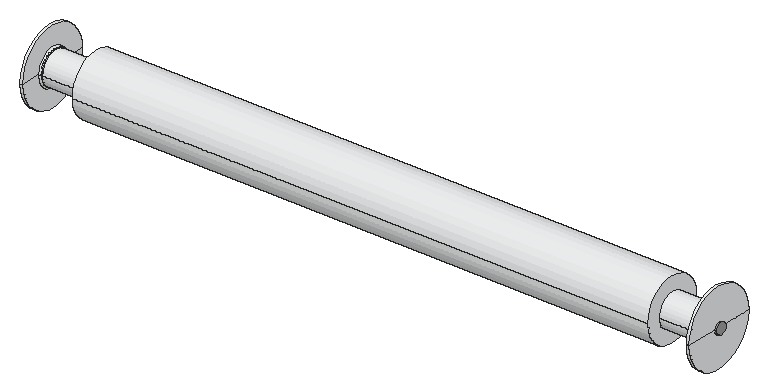
Revit family
Parameters (values of type "K60-110-10 LFL")
  Welded Thick = 10 mm
  URL = "http://viewer.zmags.com/publication/f01ae52f"
  Tube Radius = Tube Diameter / 2  # 30.15 mm
  Tube Diameter = 60.3 mm
  Tube = RAL 9016
  Thermal Performance = Thermal Performance Constant * Length / 1000 mm  # 216
  Socket Radius = 10 mm
  Socket Length = 5 mm
  Socket = RAL 9016
  Side Socket Thick = Tube Radius + Welded Thick  # 40.15 mm
  Plated Radius = 67.5 mm
  Offset = 75 mm
  Model = "K60-110-10"
  Max #1 Pole Breakers [instance] = 271
  Manufacturer = "Meinertz"
  Length = 1200 mm
  LRO = no
  LFL = yes
  Keynote = "K60-110-10"
  Height = 150 mm
  GoGetNo = 6964  # constant formula
  Fins = yes
  Fin Radius = Fin Diameter / 2  # 55 mm
  Fin Pitch = RAL 9016 F
  Fin Diameter = 110 mm
  Thermal Performance Constant = if(Fin Diameter = 73 mm, 88, if(Fin Diameter = 83 mm, 104, if(Fin Diameter = 92 mm, 88, if(Fin Diameter = 98 mm, 82, if(Fin Diameter = 123 mm, 110, if(Fin Diameter = 139 mm, 133, 180))))))  # 180
Types (17, lengths in mm): name | Welded Thick | Tube Radius | Tube Diameter | Thermal Performance | Socket Radius | Side Socket Thick | Plated Radius | Model | Length | LRO | LFL | Keynote | Fin Radius | Fin Diameter | Thermal Performance Constant
  (no name) | 10 | 30.15 | 60.3 | 216 | 10 | 40.15 | 67.5 | "K60-110-10" | 1200 | no | yes | "K60-110-10" | 55 | 110 | 180
  K33-73-08 LRO | 14.3 | 16.85 | 33.7 | 105.6 | 10 | 31.15 | 40 | "K33-73-08" | 1200 | yes | no | "K33-73-08" | 36.5 | 73 | 88
  K33-83-10 LRO | 14.3 | 16.85 | 33.7 | 124.8 | 10 | 31.15 | 40 | "K33-83-10" | 1200 | yes | no | "K33-83-10" | 41.5 | 83 | 104
  K42-92-10 LRO | 10 | 21.2 | 42.4 | 88 | 10 | 31.2 | 45 | "K42-92-10" | 1000 | yes | no | "K42-92-10" | 46 | 92 | 88
  K48-98-10 LRO | 10 | 24.15 | 48.3 | 98.4 | 10 | 34.15 | 50 | "K48-98-10" | 1200 | yes | no | "K48-98-10" | 49 | 98 | 82
  K60-110-10 LRO | 10 | 30.15 | 60.3 | 216 | 10 | 40.15 | 67.5 | "K60-110-10" | 1200 | yes | no | "K60-110-10" | 55 | 110 | 180
  K60-123-12 LRO | 10 | 30.15 | 60.3 | 132 | 10 | 40.15 | 50 | "K60-123-12" | 1200 | yes | no | "K60-123-12" | 61.5 | 123 | 110
  K76-139-12 LRO | 10 | 38.05 | 76.1 | 159.6 | 10 | 48.05 | 77.5 | "K76-139-12" | 1200 | yes | no | "K76-139-12" | 69.5 | 139 | 133
  K101-164-12 LRO | 10 | 50.8 | 101.6 | 216 | 12.9 | 60.8 | 90 | "K101-164-12" | 1200 | yes | no | "K101-164-12" | 82 | 164 | 180
  K33-73-08 LFL | 14.3 | 16.85 | 33.7 | 105.6 | 10 | 31.15 | 40 | "K33-73-08" | 1200 | no | yes | "K33-73-08" | 36.5 | 73 | 88
  K33-83-10 LFL | 14.3 | 16.85 | 33.7 | 124.8 | 10 | 31.15 | 40 | "K33-83-10" | 1200 | no | yes | "K33-83-10" | 41.5 | 83 | 104
  K42-92-10 LFL | 10 | 21.2 | 42.4 | 88 | 10 | 31.2 | 45 | "K42-92-10" | 1000 | no | yes | "K42-92-10" | 46 | 92 | 88
  K48-98-10 LFL | 10 | 24.15 | 48.3 | 98.4 | 10 | 34.15 | 50 | "K48-98-10" | 1200 | no | yes | "K48-98-10" | 49 | 98 | 82
  K60-110-10 LFL | 10 | 30.15 | 60.3 | 216 | 10 | 40.15 | 67.5 | "K60-110-10" | 1200 | no | yes | "K60-110-10" | 55 | 110 | 180
  K60-123-12 LFL | 10 | 30.15 | 60.3 | 132 | 10 | 40.15 | 50 | "K60-123-12" | 1200 | no | yes | "K60-123-12" | 61.5 | 123 | 110
  K76-139-12 LFL | 10 | 38.05 | 76.1 | 159.6 | 10 | 48.05 | 77.5 | "K76-139-12" | 1200 | no | yes | "K76-139-12" | 69.5 | 139 | 133
  K101-164-12 LFL | 10 | 50.8 | 101.6 | 216 | 12.9 | 60.8 | 90 | "K101-164-12" | 1200 | no | yes | "K101-164-12" | 82 | 164 | 180
Reference planes
  plane 1 "Center (Front/Back)": y = 0
  plane 2: z = 0
  plane 3 "Center (Left/Right)": x = 0
  plane 4: x = -600
  plane 5: x = 600
  plane 6: z = 150
  plane 7: x = -525
  plane 8: x = 525
  plane 9: x = 562.5
  plane 10: y = -40.15
  plane 11: y = 40.15
Forms (mm)
  Extrusion 1, solid, material "RAL 9016" <- "Tube"
    sketch origin (0, 0, 0) x (0, 1, 0) y (0, 0, 1)
      loop
        circle (0, 150) r 30.15
    from -600 to 600
  Extrusion 2, solid, material "RAL 9016 F" <- "Fin Pitch", visible <- "Fins"
    sketch origin (0, 0, 0) x (0, 1, 0) y (0, 0, 1)
      loop
        circle (0, 150) r 55
    from -525 to 525
  Extrusion 3, solid, material "Tap"
    sketch origin (0, 0, 0) x (1, 0, 0) y (0, 0, 1)
      loop
        circle (562.5, 150) r 10
    from -40.15 to 0
  Revolve 4, solid, material "RAL 9016" <- "Socket", visible <- "LRO"
    sketch origin (99.985, 0, 150) x (-1, 0, 0) y (0, -1, 0)
      loop
        line (709.985, 0) -> (699.985, 0) -> (699.985, -67.5) -> (704.985, -67.5) -> (704.985, -10) -> (709.985, -10) -> (709.985, 0)
      axis (699.985, 0) -> (709.985, 0)
    angle from 0 to 360
  Revolve 5, solid, material "RAL 9016" <- "Socket", visible <- "LFL"
    sketch origin (99.985, 0, 150) x (-1, 0, 0) y (0, -1, 0)
      loop
        line (709.985, 0) -> (699.985, 0) -> (699.985, -30.15) -> (701.985, -30.15)
        arc (701.985, -30.15) -> (704.106, -31.029) -> (704.985, -33.15) r 3
        line (704.985, -33.15) -> (704.985, -67.5) -> (709.985, -67.5) -> (709.985, 0)
      axis (699.985, 0) -> (709.985, 0)
    angle from 0 to 360
  Revolve 6, solid, material "RAL 9016" <- "Socket", visible <- "LFL"
    sketch origin (-99.985, 0, 150) x (1, 0, 0) y (0, 1, 0)
      loop
        line (709.985, 0) -> (709.985, 67.5) -> (704.985, 67.5) -> (704.985, 33.15)
        arc (704.985, 33.15) -> (704.106, 31.029) -> (701.985, 30.15) r 3
        line (701.985, 30.15) -> (699.985, 30.15) -> (699.985, 0) -> (709.985, 0)
      axis (699.985, 0) -> (709.985, 0)
    angle from 0 to 360
  Revolve 7, solid, material "RAL 9016" <- "Socket", visible <- "LRO"
    sketch origin (1319.985, 0, 150) x (-1, 0, 0) y (0, -1, 0)
      loop
        line (709.985, -10) -> (714.985, -10) -> (714.985, -67.5) -> (719.985, -67.5) -> (719.985, 0) -> (709.985, 0) -> (709.985, -10)
      axis (709.985, 0) -> (719.985, 0)
    angle from 0 to 360
  Extrusion 8, solid, material "Tap"
    sketch origin (610, 0, 150) x (0, 0, -1) y (0, 1, 0)
      loop
        circle (0, 0) r 10
    from 0 to 5
  Extrusion 9, solid, material "Tap"
    sketch origin (-610, 0, 150) x (0, 1, 0) y (0, 0, -1)
      loop
        circle (0, 0) r 10
    from 0 to 5
Dimensions and locks
  equal spacing: plane 4, plane 3 "Center (Left/Right)", plane 5
  "Length": plane 4 to plane 5
  "Offset": plane 4 to plane 7
  "Offset": plane 8 to plane 5
  "Height": plane 6 to plane 2
  equal spacing: plane 8, plane 9, plane 5
  "Side Socket Thick": plane 1 "Center (Front/Back)" to plane 10
  "Side Socket Thick": plane 11 to plane 1 "Center (Front/Back)"
  "Socket Radius": Revolve 4 sketch curve to Revolve 4 sketch curve
  locked: Revolve 4 sketch curve to Revolve 4 sketch curve at 5
  locked: Revolve 5 sketch curve to Revolve 5 sketch curve at 5
  locked: Revolve 6 sketch curve to Revolve 6 sketch curve at 5
  "Plated Radius": plane 1 "Center (Front/Back)" to Revolve 4 sketch curve
  "Socket Length": Revolve 4 sketch curve to Revolve 4 sketch curve
  "Tube Radius": plane 1 "Center (Front/Back)" to Revolve 5 sketch curve
  "Plated Radius": plane 1 "Center (Front/Back)" to Revolve 5 sketch curve
  "Socket Length": Revolve 5 sketch curve to Revolve 5 sketch curve
  "Tube Radius": plane 1 "Center (Front/Back)" to Revolve 6 sketch curve
  "Plated Radius": plane 1 "Center (Front/Back)" to Revolve 6 sketch curve
  "Socket Length": Revolve 6 sketch curve to Revolve 6 sketch curve
  "Socket Radius": plane 1 "Center (Front/Back)" to Revolve 7 sketch curve
  "Plated Radius": plane 1 "Center (Front/Back)" to Revolve 7 sketch curve
  locked: Revolve 7 sketch curve to Revolve 7 sketch curve at 5
  "Socket Length": Revolve 7 sketch curve to Revolve 7 sketch curve
  equal spacing: Extrusion 8 sketch curve, plane 1 "Center (Front/Back)", Extrusion 8 sketch curve
  equal spacing: Extrusion 8 sketch curve, plane 6, Extrusion 8 sketch curve
  equal spacing: Extrusion 9 sketch curve, plane 1 "Center (Front/Back)", Extrusion 9 sketch curve
  equal spacing: Extrusion 9 sketch curve, plane 6, Extrusion 9 sketch curve
  "Tube Radius": radius of Extrusion 1 sketch curve
  "Fin Radius": radius of Extrusion 2 sketch curve
  "Socket Radius": radius of Extrusion 3 sketch curve
  aligned and locked: Extrusion 1 to plane 4
  aligned and locked: plane 5 to Extrusion 1
  aligned and locked: plane 8 to Extrusion 2
  aligned and locked: Extrusion 2 to plane 7
  aligned and locked: plane 11 to Extrusion 3
  aligned and locked: plane 1 "Center (Front/Back)" to Extrusion 3
  aligned and locked: plane 4 to Revolve 4 sketch curve
  aligned and locked: plane 4 to Revolve 5 sketch curve
  aligned and locked: plane 5 to Revolve 6 sketch curve
  aligned and locked: plane 5 to Revolve 7 sketch curve
Automatic sketch dimensions
  Extrusion 3 sketch curve to plane 6 = 0 mm
  Extrusion 3 sketch curve to plane 9 = 0 mm
  Extrusion 1 sketch curve to plane 1 "Center (Front/Back)" = 0 mm
  Extrusion 1 sketch curve to plane 6 = 0 mm
  Extrusion 2 sketch curve to plane 1 "Center (Front/Back)" = 0 mm
  Extrusion 2 sketch curve to plane 6 = 0 mm
  Revolve 4 sketch curve to plane 1 "Center (Front/Back)" = 0 mm  (x2)
  Revolve 4 sketch curve to Revolve 4 sketch curve = 20 mm
  Revolve 4 sketch curve to Revolve 4 sketch curve = 15 mm
  Revolve 5 sketch curve to plane 1 "Center (Front/Back)" = 0 mm  (x2)
  plane 4 to Revolve 5 sketch curve = 20 mm
  Revolve 5 sketch curve to Revolve 5 sketch curve = 2 mm
  Revolve 5 sketch curve to Revolve 5 sketch curve = 10 mm
  Revolve 6 sketch curve to plane 1 "Center (Front/Back)" = 0 mm  (x2)
  plane 9 to Revolve 6 sketch curve = 17.5 mm
  plane 5 to Revolve 6 sketch curve = 2 mm
  Revolve 6 sketch curve to Revolve 6 sketch curve = 10 mm
  Revolve 7 sketch curve to plane 1 "Center (Front/Back)" = 0 mm  (x2)
  Revolve 7 sketch curve to Revolve 7 sketch curve = 30 mm
  Revolve 7 sketch curve to Revolve 7 sketch curve = 5 mm
  radius of Extrusion 8 sketch curve = 10 mm
  radius of Extrusion 9 sketch curve = 10 mm
Connectors
  piping at (-615, 0, 150)
    settings: on Extrusion 9, index 1, connector radius 10 mm, flow factor 0, pipe flow 0.0 L/s, pressure drop 0.0 Pa, fitting loss kfactor 0, connector angle 0.00°, fixture units 0, flow configuration 1, flow direction 1, fitting loss method 0, system type 22, connector reference index -1, connector utility 0, adjustable connector no, is connector primary yes, fitting loss table "", connector description ""
  piping at (615, 0, 150)
    settings: on Extrusion 8, index 2, connector radius 10 mm, flow factor 0, pipe flow 0.0 L/s, pressure drop 0.0 Pa, fitting loss kfactor 0, connector angle 0.00°, fixture units 0, flow configuration 1, flow direction 2, fitting loss method 0, system type 22, connector reference index -1, connector utility 0, adjustable connector no, is connector primary no, fitting loss table "", connector description ""
